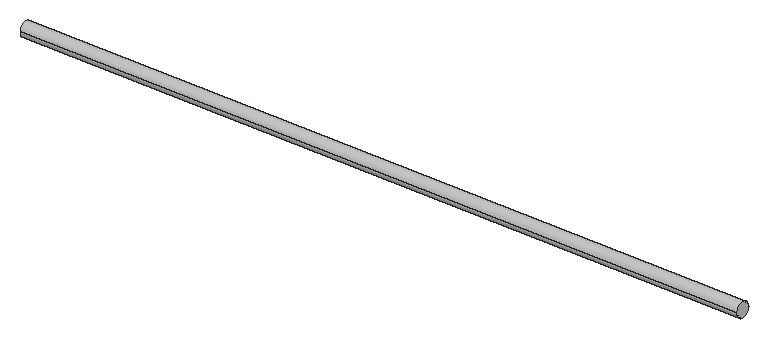
Revit family "NLRS_28_SFR_rond", category Structural Framing, Revit 2020
Family settings
  Structural Framing Length Roundoff = 0.1 mm
  Section Shape = Round Bar
  Material for Model Behavior = Steel
  Always export as geometry = No
  Code Name = EN 10060:2003
  Always vertical = Yes
  Cut with Voids When Loaded = No
  Symbolic Representation = From Project Settings
  Shared = No
  Show family pre-cut in plan views = Yes
Parameters (values of type "RB 24")
  Torsional Moment of Inertia = 0 cm⁴
  Torsional Modulus = 0.0 mm³
  Structural Material [instance] = h3_Structural Steel - S235
  Section Name Key = "RB 24"
  Section Area = 452.16 mm²
  Plastic Modulus weak axis = 0.0 mm³
  Plastic Modulus strong axis = 0.0 mm³
  Perimeter = 0.24606 (stored number, unit not read)
  Nominal Weight = 34.813 N/m
  Moment of Inertia weak axis = 0 cm⁴
  Moment of Inertia strong axis = 0 cm⁴
  Length [instance] = 1500.0 mm
  Elastic Modulus weak axis = 0.0 mm³
  Elastic Modulus strong axis = 0.0 mm³
  Diameter = 24.0 mm
  Centroid Vertical = Diameter / 2  # 12 mm
  Centroid Horizontal = Diameter / 2  # 12 mm
  Assembly Code = "2B(28.10)"
Types (43, lengths in mm): name | Section Name Key | Section Area | Perimeter | Nominal Weight | Diameter | Centroid Vertical | Centroid Horizontal
  RB 24 | "RB 24" | 452.16 mm² | 0.24606 (stored number, unit not read) | 34.813 N/m | 24.0 | 12 | 12
  RB 50 | "RB 50" | 1962.5 mm² | 0.51509 (stored number, unit not read) | 151.02 N/m | 50.0 | 25 | 25
  RB 49.2 | "RB 49.2" | 1900.2 mm² | 0.50525 (stored number, unit not read) | 146.12 N/m | 49.2 | 24.6 | 24.6
  RB 48 | "RB 48" | 1808.64 mm² | 0.49541 (stored number, unit not read) | 139.25 N/m | 48.0 | 24 | 24
  RB 47 | "RB 47" | 1734.07 mm² | 0.48556 (stored number, unit not read) | 133.37 N/m | 47.0 | 23.5 | 23.5
  RB 46 | "RB 46" | 1661.06 mm² | 0.47244 (stored number, unit not read) | 127.49 N/m | 46.0 | 23 | 23
  RB 45 | "RB 45" | 1589.63 mm² | 0.4626 (stored number, unit not read) | 122.58 N/m | 45.0 | 22.5 | 22.5
  RB 44 | "RB 44" | 1519.76 mm² | 0.45276 (stored number, unit not read) | 116.7 N/m | 44.0 | 22 | 22
  RB 42 | "RB 42" | 1384.74 mm² | 0.43307 (stored number, unit not read) | 106.89 N/m | 42.0 | 21 | 21
  RB 40 | "RB 40" | 1256.0 mm² | 0.41339 (stored number, unit not read) | 96.693 N/m | 40.0 | 20 | 20
  RB 39.2 | "RB 39.2" | 1206.26 mm² | 0.40354 (stored number, unit not read) | 92.869 N/m | 39.2 | 19.6 | 19.6
  RB 39 | "RB 39" | 1193.99 mm² | 0.40026 (stored number, unit not read) | 91.986 N/m | 39.0 | 19.5 | 19.5
  RB 38 | "RB 38" | 1133.54 mm² | 0.39042 (stored number, unit not read) | 87.279 N/m | 38.0 | 19 | 19
  RB 37 | "RB 37" | 1074.67 mm² | 0.38058 (stored number, unit not read) | 82.768 N/m | 37.0 | 18.5 | 18.5
  RB 36 | "RB 36" | 1017.36 mm² | 0.37073 (stored number, unit not read) | 78.355 N/m | 36.0 | 18 | 18
  RB 35.7 | "RB 35.7" | 1000.47 mm² | 0.36745 (stored number, unit not read) | 77.08 N/m | 35.7 | 17.85 | 17.85
  RB 35 | "RB 35" | 961.63 mm² | 0.36089 (stored number, unit not read) | 74.04 N/m | 35.0 | 17.5 | 17.5
  RB 34.4 | "RB 34.4" | 928.94 mm² | 0.35433 (stored number, unit not read) | 71.588 N/m | 34.4 | 17.2 | 17.2
  RB 34 | "RB 34" | 907.46 mm² | 0.35105 (stored number, unit not read) | 69.921 N/m | 34.0 | 17 | 17
  RB 32 | "RB 32" | 803.84 mm² | 0.32808 (stored number, unit not read) | 61.88 N/m | 32.0 | 16 | 16
  RB 31 | "RB 31" | 754.39 mm² | 0.31824 (stored number, unit not read) | 58.055 N/m | 31.0 | 15.5 | 15.5
  RB 30 | "RB 30" | 706.5 mm² | 0.3084 (stored number, unit not read) | 54.427 N/m | 30.0 | 15 | 15
  RB 29.7 | "RB 29.7" | 692.44 mm² | 0.30512 (stored number, unit not read) | 53.348 N/m | 29.7 | 14.85 | 14.85
  RB 29.5 | "RB 29.5" | 683.15 mm² | 0.30512 (stored number, unit not read) | 52.662 N/m | 29.5 | 14.75 | 14.75
  RB 29 | "RB 29" | 660.19 mm² | 0.29856 (stored number, unit not read) | 50.896 N/m | 29.0 | 14.5 | 14.5
  RB 28 | "RB 28" | 615.44 mm² | 0.28871 (stored number, unit not read) | 47.366 N/m | 28.0 | 14 | 14
  RB 27 | "RB 27" | 572.27 mm² | 0.27887 (stored number, unit not read) | 44.032 N/m | 27.0 | 13.5 | 13.5
  RB 26.7 | "RB 26.7" | 559.62 mm² | 0.27559 (stored number, unit not read) | 43.149 N/m | 26.7 | 13.35 | 13.35
  RB 26 | "RB 26" | 530.66 mm² | 0.26903 (stored number, unit not read) | 40.894 N/m | 26.0 | 13 | 13
  RB 25 | "RB 25" | 490.63 mm² | 0.25919 (stored number, unit not read) | 37.755 N/m | 25.0 | 12.5 | 12.5
  RB 24.5 | "RB 24.5" | 471.2 mm² | 0.25262 (stored number, unit not read) | 36.284 N/m | 24.5 | 12.25 | 12.25
  RB 23.6 | "RB 23.6" | 437.21 mm² | 0.24278 (stored number, unit not read) | 33.637 N/m | 23.6 | 11.8 | 11.8
  RB 22.25 | "RB 22.25" | 388.62 mm² | 0.22966 (stored number, unit not read) | 29.91 N/m | 22.25 | 11.125 | 11.125
  RB 22 | "RB 22" | 379.94 mm² | 0.22638 (stored number, unit not read) | 29.224 N/m | 22.0 | 11 | 11
  RB 20 | "RB 20" | 314.0 mm² | 0.20669 (stored number, unit not read) | 24.222 N/m | 20.0 | 10 | 10
  RB 19 | "RB 19" | 283.39 mm² | 0.19685 (stored number, unit not read) | 21.869 N/m | 19.0 | 9.5 | 9.5
  RB 18 | "RB 18" | 254.34 mm² | 0.18701 (stored number, unit not read) | 19.613 N/m | 18.0 | 9 | 9
  RB 17 | "RB 17" | 226.87 mm² | 0.17388 (stored number, unit not read) | 17.456 N/m | 17.0 | 8.5 | 8.5
  RB 16 | "RB 16" | 200.96 mm² | 0.16404 (stored number, unit not read) | 15.494 N/m | 16.0 | 8 | 8
  RB 15 | "RB 15" | 176.63 mm² | 0.1542 (stored number, unit not read) | 13.631 N/m | 15.0 | 7.5 | 7.5
  RB 14 | "RB 14" | 153.86 mm² | 0.14436 (stored number, unit not read) | 11.866 N/m | 14.0 | 7 | 7
  RB 12 | "RB 12" | 113.04 mm² | 0.12467 (stored number, unit not read) | 8.7083 N/m | 12.0 | 6 | 6
  RB 10 | "RB 10" | 78.5 mm² | 0.10171 (stored number, unit not read) | 6.0507 N/m | 10.0 | 5 | 5
Reference planes
  plane 1 "Center (Front/Back)": y = 0
  plane 2: z = 0
  plane 3 "Center (Left/Right)": x = 4.61
  plane 4 "Member Left": x = -604.99
  plane 5 "Member Right": x = 614.21
  plane 6: y = 12
  plane 7: y = -12
  plane 8 "Top": z = 12
  plane 9: z = -12
  plane 10 "Left": x = -757.39
  plane 11 "Right": x = 742.61
Forms (mm)
  Extrusion 1, solid, material "h3_Structural Steel - S235" <- "Structural Material", detail levels medium+fine
    sketch origin (-757.39, 0, 0) x (0, -1, 0) y (0, 0, 1)
      loop
        circle (0, 0) r 12
    from -1371.6 to -152.4
Lines and regions (mm)
  symbolic lines, style "Stick Symbols", detail levels coarse
    curve 1: arc (0, 12, 0) -> (0, 0, -12) -> (0, -12, 0) r 12
    curve 2: arc (0, -12, 0) -> (0, 0, 12) -> (0, 12, 0) r 12
Dimensions and locks
  "Diameter": plane 6 to plane 7
  "Diameter": plane 9 to plane 8 "Top"
  equal spacing: plane 9, plane 2, plane 8 "Top"
  equal spacing: plane 6, plane 1 "Center (Front/Back)", plane 7
  "Length": plane 10 "Left" to plane 11 "Right"
  "Diameter": diameter of Extrusion 1 sketch curve
  aligned and locked: plane 1 "Center (Front/Back)" to Extrusion 1 sketch curve
  aligned and locked: plane 2 to Extrusion 1 sketch curve
  aligned and locked: Extrusion 1 to plane 5 "Member Right"
  aligned and locked: plane 4 "Member Left" to Extrusion 1
Automatic sketch dimensions
  curve 1 to level = 0.0 mm  (x2)
  curve 1 to plane 7 = 0.0 mm
  curve 1 to plane 1 "Center (Front/Back)" = 0.0 mm
  curve 1 to curve 2 = 0.0 mm
  curve 2 to level = 0.0 mm
